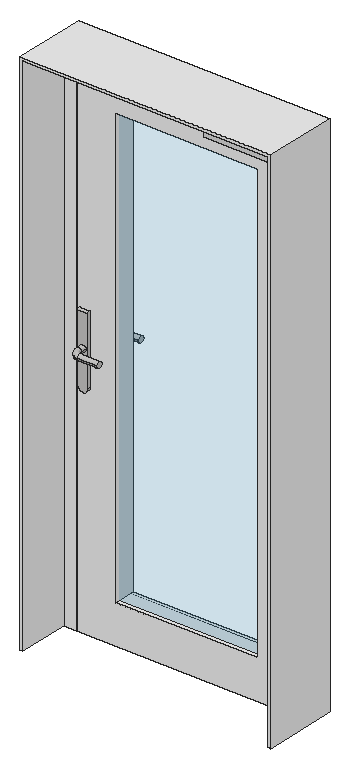
Revit family "Doorset_Exterior Door with Code Fitting_ASSA ABLOY DE_Hardware 3D", category Doors, host Wall, Revit 2015
Parameters (values of type "900 x 2110 mm (1000 x 2160 mm)")
  Uniclass 2.0 Description = "Doorsets"
  Uniclass 2.0 Code = "PR-59-23"
  Uniclass 1.4 Description = "Doors"
  Uniclass 1.4 Code = "L411"
  URL = "http://www.assaabloy.de/de/local/de/bim-spezifikationen/bim-tuerloesungen/bim/eingangstuer-mit-codebeschlag-und-panikschloss-de08/"
  Type Comments = "900 x 2110 mm (1000 x 2160 mm)"
  Thickness Constraint = if(Thickness < Minimum Thickness, Minimum Thickness, if(Thickness > Maximum Thickness, Maximum Thickness, Thickness))  # 90 mm
  Thickness = 90 mm
  Rough Width = Width + 24 mm  # 1024 mm
  Rough Height = Height + 12 mm  # 2172 mm
  Region Europe = "DE"
  Provider = "ASSA ABLOY DE"  # constant formula
  Product Guid = "2306de3a-a31f-441d-86b6-8b9c96043a70"
  Panel Width = Width - (2 mm * 50)  # 900 mm
  Panel Material = Steel/Aluminium
  Panel Height = Height - 50 mm  # 2110 mm
  OmniClass Title = "Doors"
  OmniClass Number = "23-17 11 00"
  Name = "Entrance Door with Code Fitting"  # constant formula
  NBS Reference Description = "Doorsets"
  NBS Reference Code = "59-23"
  Model = "Doorset_Entrance Door with Code Fitting_ASSA ABLOY DE_Hardware 3D"  # constant formula
  Minimum Thickness = 38 mm  # constant formula
  Minimum Door Width = 900 mm  # constant formula
  Minimum Door Height = 2110 mm  # constant formula
  Maximum Thickness = 105 mm  # constant formula
  Maximum Door Width = 1500 mm  # constant formula
  Maximum Door Height = 3750 mm  # constant formula
  Manufacturer = "ASSA ABLOY"  # constant formula
  Locksets = "1x Security Panic Lock_OneSystem_ASSA ABLOY"  # constant formula
  Identity and Access Solutions = "1x Escutcheon code fitting + Handle_ESA Premium_Effeff"  # constant formula
  IFC Classification = "Door"
  Hardware Set = "ES1-AC-PE-ML-DC-DE08"  # constant formula
  Function = Exterior
  Height = if(Frame Height < Minimum Door Height, Minimum Door Height + 50 mm, if(Frame Height > Maximum Door Height, Maximum Door Height + 50 mm, Frame Height))  # 2160 mm
  Wall Closure = By host
  Width = if(Frame Width < Minimum Door Width, Minimum Door Width + 100 mm, if(Frame Width > Maximum Door Width, Maximum Door Width + 100 mm, Frame Width))  # 1000 mm
  Frame Width = 1000 mm
  Frame Material = Steel/Aluminium
  Frame Height = 2160 mm
  Frame Depth [instance] = Thickness Constraint  # 90 mm
  Edition number = 1
  Door Width [instance] = 1000 mm
  Door Height [instance] = 2160 mm
  Door Closers = "1x Door Closer DC700 with guide rail_Cam-Motion®_ASSA ABLOY"  # constant formula
  Description = "Self Closing Access Control with Panic Device"  # constant formula
  Date of publishing = "22.09.2016"
  Contact Provider = "www.assaabloy.de/kontakt-tuerloesungen/"
  BIMobject Unique ref = "ES1-AC-PE-ML-DC-DE08"
  BIMobject Product Page = "http://bimobject.com/assaabloy-de/product/es1-ac-pe-ml-dc-de08"
  BIMobject Product Group = "Single-Steel/Aluminium-Self Closing-Access Control-Panic Device"
  BIMobject Product Family = "Exterior Door Solutions"
  BIMobject Instructions Video = "https://www.youtube.com/watch?v=BP0i_x6Tqq8&feature=youtu.be"
  BIMobject Brand = "ASSA ABLOY DE"
Types (8, lengths in mm): name | Type Comments | Rough Width | Rough Height | Panel Width | Panel Height | Height | Width | Frame Width | Frame Height | Door Width | Door Height
  (no name) | "900 x 2110 mm (1000 x 2160 mm)" | 1024 | 2172 | 900 | 2110 | 2160 | 1000 | 1000 | 2160 | 1000 | 2160
  900 x 2110 mm (1000 x 2160 mm) | "900 x 2110 mm (1000 x 2160 mm)" | 1024 | 2172 | 900 | 2110 | 2160 | 1000 | 1000 | 2160 | 1000 | 2160
  1000 x 2110 mm (1100 x 2160 mm) | "1000 x 2110 mm (1100 x 2160 mm)" | 1124 | 2172 | 1000 | 2110 | 2160 | 1100 | 1100 | 2160 | 1100 | 2160
  1000 x 2500 mm (1100 x 2550 mm) | "1000 x 2500 mm (1100 x 2550 mm)" | 1124 | 2562 | 1000 | 2500 | 2550 | 1100 | 1100 | 2550 | 1100 | 2550
  1000 x 3750 mm (1100 x 3800 mm) | "1000 x 3750 mm (1100 x 3800 mm)" | 1124 | 3812 | 1000 | 3750 | 3800 | 1100 | 1100 | 3800 | 1100 | 3800
  1300 x 2500 mm (1400 x 2550 mm) | "1300 x 2500 mm (1400 x 2550 mm)" | 1424 | 2562 | 1300 | 2500 | 2550 | 1400 | 1400 | 2550 | 1400 | 2550
  1300 x 3750 mm (1400 x 3800 mm) | "1300 x 3750 mm (1400 x 3800 mm)" | 1424 | 3812 | 1300 | 3750 | 3800 | 1400 | 1400 | 3800 | 1400 | 3800
  1500 x 3750 mm (1600 x 3800 mm) | "1500 x 3750 mm (1600 x 3800 mm)" | 1624 | 3812 | 1500 | 3750 | 3800 | 1600 | 1600 | 3800 | 1600 | 3800
Reference planes
  plane 1: y = 0
  plane 2 "Center (Left/Right)": x = 0
  plane 3 "Exterior": y = 150
  plane 4 "Interior": y = -150
  plane 5: y = 60
  plane 6: x = 512
  plane 7: x = -512
  plane 8: z = 2172
  plane 9: x = -500
  plane 10: x = 500
  plane 11: z = 2160
  plane 12: x = -450
  plane 13: x = 450
  plane 14: z = 2110
  plane 15: z = 1950
  plane 16: z = 160
  plane 17: x = -290
  plane 18: x = 290
  plane 19: y = 135
  plane 20: y = 75
  plane 21: y = 1174
  plane 22: y = 1050
  plane 23: z = 1055
  plane 24: x = 360
  plane 25: x = 385.5
  plane 26: x = -415
Forms (mm)
  Extrusion 1, solid, material "Steel/Aluminium" <- "Frame Material"
    sketch origin (0, 150, 0) x (1, 0, 0) y (0, 0, 1)
      loop
        line (500, 2160) -> (-500, 2160) -> (-500, 0) -> (-450, 0) -> (-450, 2110) -> (450, 2110) -> (450, 0) -> (500, 0) -> (500, 2160)
    from 0 to 90
  Extrusion 2, solid, material "Steel/Aluminium" <- "Panel Material"
    sketch origin (0, 150, 0) x (1, 0, 0) y (0, 0, 1)
      loop
        line (450, 2110) -> (-450, 2110) -> (-450, 0) -> (450, 0) -> (450, 2110)
      loop
        line (-290, 1950) -> (-290, 160) -> (290, 160) -> (290, 1950) -> (-290, 1950)
    from 0 to 90
  Extrusion 3, solid, material "Door Glass"
    sketch origin (0, 150, 0) x (1, 0, 0) y (0, 0, 1)
      loop
        line (290, 1950) -> (-290, 1950) -> (-290, 160) -> (290, 160) -> (290, 1950)
    from 15 to 75
  Extrusion 4, solid, material "Steel/Aluminium" <- "Frame Material"
    sketch origin (0, 150, 0) x (1, 0, 0) y (0, 0, 1)
      loop
        line (512, 2172) -> (-512, 2172) -> (-512, 0) -> (-500, 0) -> (-500, 2160) -> (500, 2160) -> (500, 0) -> (512, 0) -> (512, 2172)
    from 0 to 300
Lines and regions (mm)
  Opening 1
    outline origin (-5000, -150, 0) x (1, 0, 0) y (0, 0, 1)
      loop
        line (4488, 2172) -> (4488, 0) -> (5512, 0) -> (5512, 2172) -> (4488, 2172)
  Masking region 1
    outline origin (0, 0, 0) x (0, 1, 0) y (0, 0, 1)
      loop
        line (60, 2160) -> (60, 0) -> (150, 0) -> (150, 2160) -> (60, 2160)
  Masking region 2
    outline origin (0, 0, 0) x (1, 0, 0) y (0, 1, 0)
      loop
        line (-512, 150) -> (-512, -150) -> (512, -150) -> (512, 150) -> (-512, 150)
  Masking region 3, detail levels medium
    outline origin (0, 0, 0) x (1, 0, 0) y (0, 1, 0)
      loop
        line (-450, 150) -> (-500, 150) -> (-500, 60) -> (-450, 60) -> (-450, 150)
      loop
        line (450, 150) -> (450, 60) -> (500, 60) -> (500, 150) -> (450, 150)
  Masking region 4, detail levels medium
    outline origin (0, 0, 0) x (1, 0, 0) y (0, 1, 0)
      loop
        line (450, 1050) -> (360, 1050) -> (360, 150) -> (450, 150) -> (450, 1050)
  Masking region 5, detail levels fine
    outline origin (0, 0, 0) x (1, 0, 0) y (0, 1, 0)
      loop
        line (435, 1050) -> (435, 1040) -> (375, 1040) -> (375, 1030) -> (360, 1030) -> (360, 170) -> (375, 170) -> (375, 160) -> (435, 160) -> (435, 150) -> (450, 150) -> (450, 1050) -> (435, 1050)
  Masking region 6, detail levels fine
    outline origin (0, 0, 0) x (1, 0, 0) y (0, 1, 0)
      loop
        line (-450, 150) -> (-500, 150) -> (-500, 60) -> (-430, 60) -> (-430, 75) -> (-440, 75) -> (-440, 135) -> (-450, 135) -> (-450, 150)
      loop
        line (500, 150) -> (450, 150) -> (450, 135) -> (440, 135) -> (440, 75) -> (430, 75) -> (430, 60) -> (500, 60) -> (500, 150)
  symbolic lines, style "Doors", detail levels medium+fine
    curve 1: line (0, 150, 2110) -> (0, 60, 2110)
    curve 2: line (0, 60, 1950) -> (0, 150, 1950)
    curve 3: line (0, 150, 160) -> (0, 60, 160)
  symbolic lines, style "Doors", detail levels fine
    curve 4: line (0, 105, 1950) -> (0, 105, 160)
  symbolic lines, style "DoorsPanelProjection", detail levels coarse
    curve 5: line (512, 1174, 0) -> (512, 150, 0)
  symbolic lines, style "Plan Swing", detail levels coarse
    curve 6: arc (-512, 150, 0) -> (-212.077, 874.077, 0) -> (512, 1174, 0) r 1024
  symbolic lines, style "Elevation Swing"
    curve 7: line (450, 150, 2110) -> (-450, 150, 1055)
    curve 8: line (-450, 150, 1055) -> (450, 150, 0)
  symbolic lines, style "Plan Swing", detail levels medium+fine
    curve 9: arc (-450, 150, 0) -> (-186.396, 786.396, 0) -> (450, 1050, 0) r 900
  symbolic lines, detail levels fine
    curve 10: line (450, 150, 0) -> (-450, 150, 0)
    curve 11: line (-450, 60, 0) -> (450, 60, 0)
Text (mm)
  text "Exterior" at (-2582.17, 525.235, 0), in view "Ref. Level"
  text "Exterior" at (0, 1615.38, 3698.081), in view "Left"
  text "Exterior" at (0, 1036.032, 3874.932), in view "Right"
Dimensions and locks
  locked: plane 3 "Exterior" to host wall at 0
  locked: plane 4 "Interior" to host wall
  "Thickness Constraint": plane 5 to plane 3 "Exterior"
  equal spacing: plane 7, plane 2 "Center (Left/Right)", plane 6
  "Rough Height": plane 8 to level
  "Rough Width": plane 7 to plane 6
  locked: plane 7 to plane 9 at 12
  locked: plane 6 to plane 10 at 12
  locked: plane 13 to plane 10 at 50
  locked: plane 12 to plane 9 at 50
  locked: plane 8 to plane 11 at 12
  locked: plane 11 to plane 14 at 50
  "Door Width": plane 10 to plane 9
  "Door Height": plane 11 to level
  locked: plane 17 to plane 12 at 160
  locked: plane 18 to plane 13 at 160
  locked: plane 14 to plane 15 at 160
  locked: plane 16 to level at 160
  locked: plane 19 to plane 3 "Exterior" at 15
  locked: plane 20 to plane 5 at 15
  equal spacing: plane 5, curve 4, plane 3 "Exterior"
  "Rough Width": plane 3 "Exterior" to plane 21
  "Panel Width": plane 3 "Exterior" to plane 22
  equal spacing: plane 15, plane 23, plane 16
  "Thickness Constraint": plane 24 to plane 13
  locked: plane 24 to Masking region 5 sketch curve at 15  (x2)
  locked: plane 25 to plane 13 at 64.5
  locked: plane 26 to plane 12 at 35
  aligned and locked: plane 1 to host wall
  aligned and locked: Opening 1 sketch curve to plane 8
  aligned and locked: Opening 1 sketch curve to plane 6
  aligned and locked: plane 7 to Opening 1 sketch curve
  aligned and locked: Opening 1 sketch curve to level
  aligned and locked: Extrusion 1 sketch curve to plane 11
  aligned and locked: plane 10 to Extrusion 1 sketch curve
  aligned and locked: Extrusion 1 sketch curve to plane 9
  aligned and locked: Extrusion 1 sketch curve to plane 12
  aligned and locked: plane 13 to Extrusion 1 sketch curve
  aligned and locked: Extrusion 1 sketch curve to plane 14
  aligned and locked: Extrusion 1 sketch curve to level  (x2)
  aligned and locked: Extrusion 1 to plane 3 "Exterior"
  aligned and locked: Extrusion 1 to plane 5
  aligned and locked: Extrusion 2 sketch curve to plane 14
  aligned and locked: Extrusion 2 sketch curve to plane 15
  aligned and locked: plane 13 to Extrusion 2 sketch curve
  aligned and locked: plane 18 to Extrusion 2 sketch curve
  aligned and locked: Extrusion 2 sketch curve to plane 17
  aligned and locked: Extrusion 2 sketch curve to plane 12
  aligned and locked: Extrusion 2 sketch curve to plane 16
  aligned and locked: Extrusion 2 sketch curve to level
  aligned and locked: Extrusion 2 to plane 3 "Exterior"
  aligned and locked: Extrusion 2 to plane 5
  aligned and locked: plane 15 to Extrusion 3 sketch curve
  aligned and locked: plane 17 to Extrusion 3 sketch curve
  aligned and locked: Extrusion 3 sketch curve to plane 18
  aligned and locked: plane 16 to Extrusion 3 sketch curve
  aligned and locked: Extrusion 3 to plane 19
  aligned and locked: Extrusion 3 to plane 20
  aligned and locked: Masking region 1 sketch curve to plane 3 "Exterior"
  aligned and locked: Masking region 1 sketch curve to level
  aligned and locked: curve 1 to plane 14
  aligned and locked: curve 2 to plane 15
  aligned and locked: curve 3 to plane 16
  aligned and locked: plane 3 "Exterior" to curve 1
  aligned and locked: plane 5 to curve 3
  aligned and locked: plane 3 "Exterior" to curve 3
  aligned and locked: plane 5 to curve 2
  aligned and locked: plane 3 "Exterior" to curve 2
  aligned and locked: plane 15 to curve 4
  aligned and locked: plane 16 to curve 4
  aligned and locked: plane 7 to Masking region 2 sketch curve
  aligned and locked: Masking region 2 sketch curve to plane 6
  aligned and locked: Masking region 2 sketch curve to plane 3 "Exterior"
  aligned and locked: Masking region 2 sketch curve to plane 4 "Interior"
  aligned and locked: curve 5 to plane 6
  aligned and locked: plane 21 to curve 5
  aligned and locked: plane 3 "Exterior" to curve 5
  aligned and locked: Masking region 3 sketch curve to plane 12
  aligned and locked: Masking region 3 sketch curve to plane 9
  aligned and locked: Masking region 3 sketch curve to plane 3 "Exterior"  (x2)
  aligned and locked: Masking region 3 sketch curve to plane 5  (x2)
  aligned and locked: plane 13 to Masking region 3 sketch curve
  aligned and locked: plane 10 to Masking region 3 sketch curve
  aligned and locked: plane 13 to Masking region 4 sketch curve
  aligned and locked: Masking region 4 sketch curve to plane 24
  aligned and locked: Masking region 4 sketch curve to plane 22
  aligned and locked: Masking region 4 sketch curve to plane 3 "Exterior"
  aligned and locked: Masking region 5 sketch curve to plane 22
  aligned and locked: plane 13 to Masking region 5 sketch curve
  aligned and locked: Masking region 5 sketch curve to plane 24
  aligned and locked: Masking region 5 sketch curve to plane 3 "Exterior"
  aligned and locked: Masking region 6 sketch curve to plane 3 "Exterior"  (x2)
  aligned and locked: Masking region 6 sketch curve to plane 5  (x2)
  aligned and locked: Masking region 6 sketch curve to plane 12
  aligned and locked: Masking region 6 sketch curve to plane 9
  aligned and locked: Masking region 6 sketch curve to plane 19
  aligned and locked: Masking region 6 sketch curve to plane 20
  aligned and locked: plane 10 to Masking region 6 sketch curve
  aligned and locked: plane 13 to Masking region 6 sketch curve
  aligned and locked: plane 20 to Masking region 6 sketch curve
  aligned and locked: plane 19 to Masking region 6 sketch curve
  aligned and locked: curve 10 to plane 3 "Exterior"
  aligned and locked: curve 11 to plane 5
  aligned and locked: plane 12 to curve 11
  aligned and locked: plane 13 to curve 11
  aligned and locked: plane 13 to curve 10
  aligned and locked: plane 12 to curve 10
  aligned and locked: Masking region 1 sketch curve to plane 11
  aligned and locked: Masking region 1 sketch curve to plane 5
  aligned and locked: plane 8 to Extrusion 4 sketch curve
  aligned and locked: plane 11 to Extrusion 4 sketch curve
  aligned and locked: plane 6 to Extrusion 4 sketch curve
  aligned and locked: Extrusion 4 sketch curve to plane 10
  aligned and locked: plane 9 to Extrusion 4 sketch curve
  aligned and locked: Extrusion 4 sketch curve to plane 7
  aligned and locked: level to Extrusion 4 sketch curve  (x2)
  aligned and locked: plane 4 "Interior" to Extrusion 4
  aligned and locked: Extrusion 4 to plane 3 "Exterior"
  aligned and locked: plane 25 to nested 1
  aligned and locked: plane 14 to nested 1
  aligned and locked: plane 26 to nested 2
Automatic sketch dimensions
  curve 8 to plane 12 = 0 mm
  curve 8 to level = 0 mm
  plane 13 to curve 8 = 0 mm
  plane 13 to curve 7 = 0 mm
  curve 8 to plane 23 = 0 mm
  curve 7 to plane 14 = 0 mm
  plane 13 to Masking region 5 sketch curve = 15 mm  (x2)
  host wall to Masking region 5 sketch curve = 10 mm
  Masking region 5 sketch curve to Masking region 5 sketch curve = 10 mm  (x2)
  Masking region 5 sketch curve to Masking region 5 sketch curve = 20 mm
  plane 12 to Masking region 6 sketch curve = 10 mm
  Masking region 6 sketch curve to Masking region 6 sketch curve = 10 mm  (x2)
  Masking region 6 sketch curve to Masking region 6 sketch curve = 20 mm
  curve 9 to plane 13 = 0 mm
  curve 6 to host wall = 0 mm
  curve 1 to plane 5 = 0 mm
Nested families
  nested 1: "Door Closers_Door Closer DC700 with guide rail_ASSA ABLOY DE__DC700------EV1-" at (385.5, 60, 2110) x (1, 0, 0) z (0, -1, 0), type "Door Closer DC700 with guide rail_DC700------EV1-"
  nested 2: "Identity and Access Solutions_Escutcheon code fitting + Handle_ASSA ABLOY DE__50111A-9K11211-" at (-415, 60, 1050) x (1, 0, 0) z (0, -1, 0), Panel Thickness <- "Thickness Constraint", Panel Width <- "Panel Width", type "Escutcheon code fitting + Handle_50111A-9K11211-"
    with Panel Width 900 mm, Panel Thickness 90 mm
Definition of nested family "Door Closers_Door Closer DC700 with guide rail_ASSA ABLOY DE__DC700------EV1-"
  Parameters (values of type "Door Closer DC700 with guide rail_DC700------EV1-")
    Uniclass 2015 Description = "Door hardware systems"
    Uniclass 2015 Code = "Ss_25_38_20_20"
    Uniclass 2.0 Description = "Door Hardware Systems"
    Uniclass 2.0 Code = "SS-25-38-20-20"
    Uniclass 1.4 Description = "Door closers"
    Uniclass 1.4 Code = "L41812"
    URL = "http://w3.assaabloy.de/de/produktkatalog/assaabloy/DC700------EV1-"
    UNSPSC Name = "Door closers"
    UNSPSC Code = "30171514"
    Type Comments = "Door Closer DC700 with guide rail_DC700------EV1-"  # constant formula
    Region Europe = "DE"
    Reference Standards = "DIN EN 1154"  # constant formula
    Provider = "ASSA ABLOY DE"  # constant formula
    Product Range = "Cam-Motion®"  # constant formula
    Product Guid = "d3dddd3e-fbaa-46c2-a748-b475f65359a3"
    Product Group = "Door Closers"  # constant formula
    Product Datasheet = "http://w3.assaabloy.de/de/produktkatalog/assaabloy/DC700------EV1-/pdf"
    OmniClass Title = "Door Closers"
    OmniClass Number = "23-17 19 11 19 11"
    Name = "Door Closer DC700 with guide rail"  # constant formula
    NBS Reference Description = "Door Hardware Systems"
    NBS Reference Code = "25-38-20-20"
    Model = "Door Closers_Door Closer DC700 with guide rail_ASSA ABLOY DE__DC700------EV1-"  # constant formula
    Manufacturer = "ASSA ABLOY"  # constant formula
    ISO = "Manufacturing /Assembly plant ISO 14001"  # constant formula
    IFC Classification = "Door"
    Finish = none
    Environmental Product Declaration (EPD) = "http://www.assaabloy.de/Local/assaabloyDE/Nachhaltigkeit/EPD%20Dateien/T%c3%bcrschlie%c3%9fer%20-%20Door%20Closer/EPD%20Door%20Closer%20DC500%20DC700.pdf"
    Edition number = 1
    Description = "Door closer with Cam-Motion® technology and height-adjustable guide rail G195 or standard guide rail G193"  # constant formula
    Default Elevation = 0 mm
    Date of publishing = "22.09.2016"
    Contact Provider = "www.assaabloy.de/kontakt-tuerloesungen/"
    Brand = "ASSA ABLOY"  # constant formula
    BIMobject Unique ref = "DC700------EV1-"
    BIMobject Instructions Video = ""
    BIMobject Category = "Doors / Hardware"
    BIMobject Brand = "ASSA ABLOY DE"
    Article Number = "DC700------EV1-"  # constant formula
    Accessories = ""
  Reference planes
    plane 1 "Center (Front/Back)": y = 0
    plane 2: z = 0
    plane 3 "Center (Left/Right)": x = 0
  Forms (mm)
    Extrusion 1, solid
      sketch origin (0, 0, 0) x (1, 0, 0) y (0, 1, 0)
        loop
          line (-1219.2, 1219.2) -> (-1219.2, -1219.2) -> (1219.2, -1219.2) -> (1219.2, 1219.2) -> (-1219.2, 1219.2)
      from 0 to -304.8
    Extrusion 2, solid, material <- "Finish", detail levels fine
      sketch origin (0, -9.85, 0) x (0, 1, 0) y (0, 0, -1)
        loop
          line (-36.15, -57) -> (-6.65, -57) -> (-6.65, 0) -> (-70.65, 0) -> (-70.65, -57) -> (-41.15, -57) -> (-41.15, -56) -> (-36.15, -56) -> (-36.15, -57)
      from 1 to 269
    Extrusion 3, solid, material <- "Finish", detail levels fine
      sketch origin (0, -9.85, 0) x (-1, 0, 0) y (0, 0, -1)
        loop
          circle (88.5, -29.7) r 11
      from -2 to 6.65
    Extrusion 4, solid, material <- "Finish", detail levels fine
      sketch origin (0, -9.85, 0) x (-1, 0, 0) y (0, 0, -1)
        loop
          arc (458.658, -31.661) -> (469.386, -20.396) -> (458.121, -9.668) r 11
          line (458.121, -9.668) -> (88.231, -18.703)
          arc (88.231, -18.703) -> (77.503, -29.969) -> (88.769, -40.697) r 11
          line (88.769, -40.697) -> (458.658, -31.661)
      from -2 to -7
    Extrusion 5, solid, material <- "Finish", detail levels fine
      sketch origin (0, -9.85, 0) x (0, 1, 0) y (0, 0, -1)
        loop
          line (32.85, -43.665) -> (32.85, 0) -> (9.85, 0) -> (9.85, -43.665) -> (32.85, -43.665)
      from 0 to 503.5
    Extrusion 6, solid, material <- "Finish", detail levels fine
      sketch origin (-369.886, -9.85, -9.039) x (-1, 0, 0) y (0, 0, -1)
        loop
          circle (88.5, -29.7) r 11
      from -9.85 to -7
    Extrusion 7, solid, material <- "Finish", detail levels fine
      sketch origin (0, -9.85, 0) x (0, 1, 0) y (0, 0, 1)
        loop
          line (-41.15, 57) -> (-70.65, 57) -> (-70.65, 0) -> (-55.65, 0) -> (-55.65, 15)
          arc (-55.65, 15) -> (-51.524, 26.102) -> (-41.15, 31.815) r 17
          line (-41.15, 31.815) -> (-41.15, 57)
        loop
          line (-50.65, 0) -> (-26.65, 0) -> (-26.65, 15)
          arc (-26.65, 15) -> (-38.65, 27) -> (-50.65, 15) r 12
          line (-50.65, 15) -> (-50.65, 0)
        loop
          line (-21.65, 15) -> (-21.65, 0) -> (-6.65, 0) -> (-6.65, 57) -> (-36.15, 57) -> (-36.15, 31.815)
          arc (-36.15, 31.815) -> (-25.776, 26.102) -> (-21.65, 15) r 17
      from -1 to 0
    Extrusion 8, solid, material <- "Finish", detail levels fine
      sketch origin (-270, -9.85, 0) x (0, 1, 0) y (0, 0, -1)
        loop
          line (-41.15, -57) -> (-41.15, -31.815)
          arc (-41.15, -31.815) -> (-51.524, -26.102) -> (-55.65, -15) r 17
          line (-55.65, -15) -> (-55.65, 0) -> (-70.65, 0) -> (-70.65, -57) -> (-41.15, -57)
        loop
          line (-50.65, 0) -> (-50.65, -15)
          arc (-50.65, -15) -> (-38.65, -27) -> (-26.65, -15) r 12
          line (-26.65, -15) -> (-26.65, 0) -> (-50.65, 0)
        loop
          arc (-21.65, -15) -> (-25.776, -26.102) -> (-36.15, -31.815) r 17
          line (-36.15, -31.815) -> (-36.15, -57) -> (-6.65, -57) -> (-6.65, 0) -> (-21.65, 0) -> (-21.65, -15)
      from -1 to 0
  Cuts and joins
    joined: Extrusion 2, Extrusion 7, Extrusion 8
  Lines and regions (mm)
    Masking region 1, detail levels fine
      outline origin (0, -9.85, 0) x (0, 1, 0) y (0, 0, 1)
        loop
          line (-6.65, 57) -> (-36.15, 57) -> (-36.15, 56) -> (-41.15, 56) -> (-41.15, 57) -> (-70.65, 57) -> (-70.65, 0) -> (-6.65, 0) -> (-6.65, 18.7) -> (2, 18.7) -> (2, 9.668) -> (9.85, 9.668) -> (9.85, 0) -> (32.85, 0) -> (32.85, 43.665) -> (9.85, 43.665) -> (9.85, 31.661) -> (7, 31.661) -> (7, 40.697) -> (-6.65, 40.697) -> (-6.65, 57)
    symbolic lines, detail levels fine
      curve 1: line (0, 0, 31.661) -> (0, 0, 9.668)
      curve 2: line (0, -2.85, 31.661) -> (0, -2.85, 9.665)
      curve 3: line (0, -7.85, 18.703) -> (0, -7.85, 40.697)
      curve 4: line (0, -16.5, 40.7) -> (0, -16.5, 18.7)
      curve 5: line (0, -36.5, 0) -> (0, -36.5, 15)
      curve 6: line (0, -31.5, 15) -> (0, -31.5, 0)
      curve 7: arc (0, -60.5, 15) -> (0, -48.5, 27) -> (0, -36.5, 15) r 12
      curve 8: line (0, -60.5, 15) -> (0, -60.5, 0)
      curve 9: line (0, -65.5, 0) -> (0, -65.5, 15)
      curve 10: arc (0, -51, 31.815) -> (0, -61.374, 26.102) -> (0, -65.5, 15) r 17
      curve 11: line (0, -51, 31.815) -> (0, -51, 56)
      curve 12: arc (0, -31.5, 15) -> (0, -35.626, 26.102) -> (0, -46, 31.815) r 17
      curve 13: line (0, -46, 56) -> (0, -46, 31.815)
  Dimensions and locks
    aligned and locked: plane 2 to Extrusion 1
    aligned and locked: level to Extrusion 1
    aligned and locked: Extrusion 6 to Extrusion 5
    aligned and locked: Extrusion 6 to Extrusion 4
    aligned and locked: Extrusion 3 to Extrusion 4
    aligned and locked: level to Masking region 1 sketch curve  (x2)
    aligned and locked: plane 3 "Center (Left/Right)" to Extrusion 7
Definition of nested family "Identity and Access Solutions_Escutcheon code fitting + Handle_ASSA ABLOY DE__50111A-9K11211-"
  Parameters (values of type "Escutcheon code fitting + Handle_50111A-9K11211-")
    Uniclass 2015 Description = "Door hardware systems"
    Uniclass 2015 Code = "Ss_25_38_20_20"
    Uniclass 2.0 Description = "Door Hardware Systems"
    Uniclass 2.0 Code = "SS-25-38-20-20"
    Uniclass 1.4 Description = "Door furniture"
    Uniclass 1.4 Code = "L4181"
    URL = "http://w3.assaabloy.de/de/produktkatalog/effeff/50111A-9K11211-"
    Type Comments = "Escutcheon code fitting + Handle_50111A-9K11211-"  # constant formula
    Region Europe = "DE"
    Reference Standards = "CE, EN179, EN1906, DIN18273"  # constant formula
    Provider = "ASSA ABLOY DE"  # constant formula
    Product Range = "ESA Premium"  # constant formula
    Product Guid = "05146aed-a522-4925-a541-659463e9d918"
    Product Group = "Identity and Access Solutions"  # constant formula
    Product Datasheet = "http://w3.assaabloy.de/de/produktkatalog/effeff/50111A-9K11211-/pdf"
    Panel Width [instance] = 600 mm
    Panel Thickness [instance] = 90 mm
    OmniClass Title = "Door Latches"
    OmniClass Number = "23-17 19 11 21 19"
    Name = "Escutcheon code fitting + Handle"  # constant formula
    NBS Reference Description = "Door Hardware Systems"
    NBS Reference Code = "25-38-20-20"
    Model = "Identity and Access Solutions_Escutcheon code fitting + Handle_ASSA ABLOY DE__50111A-9K11211-"  # constant formula
    Manufacturer = "ASSA ABLOY"  # constant formula
    ISO = "Manufacturing /Assembly plant ISO 14001"  # constant formula
    IFC Classification = "Door"
    Finish = none
    Environmental Product Declaration (EPD) = "http://www.assaabloy.de/en/local/de/sustainability/epds-green-buildings/epd-library/"
    Edition number = 1
    Description = "Electronic high-security keypad door fitting ESA501 with Euro Profile cylinder perforation"  # constant formula
    Default Elevation = 1050 mm
    Date of publishing = "22.09.2016"
    Contact Provider = "www.assaabloy.de/kontakt-tuerloesungen/"
    Brand = "Effeff"  # constant formula
    BIMobject Unique ref = "50111A-9K11211-"
    BIMobject Instructions Video = ""
    BIMobject Category = "Doors / Hardware"
    BIMobject Brand = "ASSA ABLOY DE"
    Article Number = "50111A-9K11211-"  # constant formula
    Accessories = ""
  Reference planes
    plane 1 "Center (Front/Back)": y = 0
    plane 2: z = 0
    plane 3 "Center (Left/Right)": x = 0
    plane 4: z = -148
    plane 5: x = 565
    plane 6: x = -35
    plane 7: z = -90
    plane 8: z = -100
    plane 9: z = 10
    plane 10: z = -45
    plane 11: z = -690
    plane 12: z = -640
    plane 13: x = 465
    plane 14: z = -531.5
    plane 15: z = -617.9
    plane 16: z = -662.1
    plane 17: x = 575
    plane 18: x = 396.2
    plane 19: x = 643.8
    plane 20: x = 475
    plane 21: z = -102
  Forms (mm)
    Extrusion 1, solid
      sketch origin (0, 0, 0) x (1, 0, 0) y (0, 1, 0)
        loop
          line (-1219.2, 1219.2) -> (-1219.2, -1219.2) -> (1219.2, -1219.2) -> (1219.2, 1219.2) -> (-1219.2, 1219.2)
      from 0 to -304.8
    Sweep 2, solid, material <- "Finish", detail levels fine
      path origin (0, 0, 0) x (1, 0, 0) y (0, 0, 1)
        loop
          line (0, 0) -> (0, 10)
      profile origin (0, 0, 5) x (-1, 0, 0) y (0, -1, 0)
        loop
          line (20.5, -97.5) -> (20.5, 140)
          arc (20.5, 140) -> (0, 160.5) -> (-20.5, 140) r 20.5
          line (-20.5, 140) -> (-20.5, -97.5) -> (20.5, -97.5)
    Sweep 3, solid, material <- "Finish", detail levels fine
      path origin (0, 0, 0) x (1, 0, 0) y (0, 0, 1)
        loop
          line (-0.05, 10) -> (-0.05, 32.55)
          arc (-0.05, 32.55) -> (8.459, 53.091) -> (29, 61.6) r 29.05
          line (29, 61.6) -> (108.5, 61.6)
      profile origin (-0.05, 0, 10) x (-1, 0, 0) y (0, -1, 0)
        loop
          circle (-0.05, 0) r 11.25
    Sweep 4, solid, material <- "Finish", detail levels fine
      path origin (0, 0, -53.27) x (1, 0, 0) y (0, 0, -1)
        loop
          line (-0.05, 46.73) -> (-0.05, 69.28)
          arc (-0.05, 69.28) -> (8.459, 89.822) -> (29, 98.33) r 29.05
          line (29, 98.33) -> (108.5, 98.33)
      profile origin (-0.05, 0, -100) x (0, -1, 0) y (1, 0, 0)
        loop
          circle (0, 0.05) r 11.25
    Extrusion 5, solid, material <- "Finish", detail levels fine
      sketch origin (0, 0, 0) x (0, 1, 0) y (0, 0, 1)
        loop
          line (97.5, 10) -> (97.5, 0) -> (140, 0) -> (140, 2)
          arc (140, 2) -> (137.657, 7.657) -> (132, 10) r 8
          line (132, 10) -> (97.5, 10)
      from -20.5 to 20.5
    Sweep 6, solid, material <- "Finish", detail levels fine
      path origin (0, 0, -90) x (1, 0, 0) y (0, 0, 1)
        loop
          line (0, 0) -> (0, -10)
      profile origin (0, 0, -95) x (0, -1, 0) y (1, 0, 0)
        loop
          line (-97.5, -20.5) -> (140, -20.5)
          arc (140, -20.5) -> (160.5, 0) -> (140, 20.5) r 20.5
          line (140, 20.5) -> (-97.5, 20.5) -> (-97.5, -20.5)
    Extrusion 7, solid, material <- "Finish", detail levels fine
      sketch origin (0, 0, -90) x (0, 1, 0) y (0, 0, 1)
        loop
          line (97.5, -10) -> (132, -10)
          arc (132, -10) -> (137.657, -7.657) -> (140, -2) r 8
          line (140, -2) -> (140, 0) -> (97.5, 0) -> (97.5, -10)
      from -20.5 to 20.5
    Sweep 8, solid, detail levels fine
      path origin (0, 0, -90) x (0, 1, 0) y (0, 0, 1)
        loop
          line (49.7, -16) -> (132, -16)
          arc (132, -16) -> (141.899, -11.899) -> (146, -2) r 14
          line (146, -2) -> (146, 0)
      profile origin (0, 146, -92) x (1, 0, 0) y (0, 1, 0)
        loop
          line (-18.384, -4) -> (-20.5, -6) -> (20.5, -6) -> (18.384, -4) -> (-18.384, -4)
    Blend 9, solid, detail levels fine
      base sketch origin (-92.702, -1524, -162.41) x (-1, 0, 0) y (0, -1, 0)
        loop
          line (-113.202, -1573.7) -> (-72.202, -1573.7)
          arc (-72.202, -1573.7) -> (-92.702, -1553.2) -> (-113.202, -1573.7) r 20.5
      top sketch origin (0, 0, -152.41) x (0, -1, 0) y (1, 0, 0)
        loop
          arc (-49.7, -18.384) -> (-31.316, 0) -> (-49.7, 18.384) r 18.384
          line (-49.7, 18.384) -> (-49.7, -18.384)
      from 62.41 to 50.41
  Cuts and joins
    joined: Sweep 2, Sweep 3, Extrusion 5
    joined: Sweep 4, Sweep 6, Extrusion 7
    joined: Sweep 8, Blend 9
  Lines and regions (mm)
    Masking region 1, detail levels fine
      outline origin (0, 0, 0) x (0, 1, 0) y (0, 0, 1)
        loop
          line (-160.5, 10) -> (-160.5, 0) -> (141.798, 0)
          arc (141.798, 0) -> (141.348, 5.551) -> (138, 10) r 10
          line (138, 10) -> (-160.5, 10)
        loop
          line (140, -90) -> (-160.5, -90) -> (-160.5, -100) -> (140, -100) -> (140, -90)
    Masking region 2, detail levels fine
      outline origin (0, 0, 0) x (0, 1, 0) y (0, 0, 1)
        loop
          arc (11.25, 61.55) -> (0, 72.8) -> (-11.25, 61.55) r 11.25
          line (-11.25, 61.55) -> (-11.25, 10) -> (11.25, 10) -> (11.25, 61.55)
        loop
          line (-11.25, -100) -> (-11.25, -151.55)
          arc (-11.25, -151.55) -> (0, -162.8) -> (11.25, -151.55) r 11.25
          line (11.25, -151.55) -> (11.25, -100) -> (-11.25, -100)
    Masking region 3, detail levels fine
      outline origin (0, 0, 0) x (1, 0, 0) y (0, 0, 1)
        loop
          line (475, -617.9) -> (465, -617.9) -> (465, -662.1) -> (475, -662.1) -> (475, -617.9)
        loop
          line (565, -662.1) -> (575, -662.1) -> (575, -617.9) -> (565, -617.9) -> (565, -662.1)
    Masking region 4, detail levels fine
      outline origin (0, 0, 0) x (1, 0, 0) y (0, 0, 1)
        loop
          line (643.8, -618.734) -> (643.8, -531.5) -> (622.05, -531.5) -> (622.05, -611)
          arc (622.05, -611) -> (616.851, -623.551) -> (604.3, -628.75) r 17.75
          line (604.3, -628.75) -> (575, -628.75) -> (575, -651.25) -> (604.3, -651.25)
          arc (604.3, -651.25) -> (629.881, -642.075) -> (643.8, -618.734) r 40.25
        loop
          line (396.2, -531.5) -> (396.2, -611)
          arc (396.2, -611) -> (407.989, -639.461) -> (436.45, -651.25) r 40.25
          line (436.45, -651.25) -> (465, -651.25) -> (465, -628.75) -> (436.45, -628.75)
          arc (436.45, -628.75) -> (423.899, -623.551) -> (418.7, -611) r 17.75
          line (418.7, -611) -> (418.7, -531.5) -> (396.2, -531.5)
  Dimensions and locks
    plane 3 "Center (Left/Right)" to plane 6 = 35 mm
    "Panel Thickness": level to plane 7
    locked: plane 7 to plane 8 at 10
    locked: plane 9 to Extrusion 1 at 10
    locked: plane 8 to Sweep 4 sketch curve at 51.6
    locked: Sweep 3 sketch curve to plane 9 at 51.6
    locked: plane 3 "Center (Left/Right)" to plane 6 at 35
    locked: plane 9 to Masking region 2 sketch curve at 51.55
    locked: Masking region 2 sketch curve to plane 8 at 51.55
    "Panel Width": plane 11 to plane 7
    "Panel Width": plane 5 to plane 6
    locked: plane 11 to plane 12 at 50
    locked: plane 16 to plane 12 at 22.1
    plane 12 to plane 15 to plane 14 = 22.1 mm locked, 86.4 mm locked
    locked: plane 17 to plane 5 at 10
    locked: plane 13 to plane 18 at 68.8
    locked: plane 17 to plane 19 at 68.8
    locked: Masking region 4 sketch curve to plane 19 at 21.75
    locked: Masking region 4 sketch curve to plane 18 at 22.5
    locked: plane 20 to plane 13 at 10
    "Panel Thickness": plane 5 to plane 20
    locked: plane 21 to plane 8 at 2
    aligned and locked: plane 2 to Extrusion 1
    aligned and locked: level to Extrusion 1
    aligned and locked: plane 9 to Sweep 2 sketch curve
    aligned and locked: plane 2 to Sweep 2 sketch curve
    aligned and locked: plane 8 to Sweep 4 sketch curve
    aligned and locked: plane 9 to Sweep 3 sketch curve
    aligned and locked: plane 9 to Extrusion 5 sketch curve
    aligned and locked: level to Extrusion 5 sketch curve
    aligned and locked: Extrusion 5 to Sweep 2
    aligned and locked: Sweep 2 to Extrusion 5
    aligned and locked: Masking region 1 sketch curve to plane 9
    aligned and locked: level to Masking region 1 sketch curve
    aligned and locked: plane 7 to Masking region 1 sketch curve
    aligned and locked: plane 8 to Masking region 1 sketch curve
    aligned and locked: plane 9 to Masking region 2 sketch curve
    aligned and locked: plane 8 to Masking region 2 sketch curve
    aligned and locked: plane 15 to Masking region 3 sketch curve  (x2)
    aligned and locked: Masking region 3 sketch curve to plane 16  (x2)
    aligned and locked: plane 5 to Masking region 3 sketch curve
    aligned and locked: plane 17 to Masking region 3 sketch curve
    aligned and locked: Masking region 4 sketch curve to plane 19
    aligned and locked: plane 14 to Masking region 4 sketch curve  (x2)
    aligned and locked: plane 17 to Masking region 4 sketch curve
    aligned and locked: plane 13 to Masking region 4 sketch curve
    aligned and locked: plane 18 to Masking region 4 sketch curve
    aligned and locked: plane 20 to Masking region 3 sketch curve
    aligned and locked: Masking region 3 sketch curve to plane 13
    aligned and locked: Extrusion 7 to Sweep 6
    aligned and locked: Sweep 6 to Extrusion 7
    aligned and locked: plane 7 to Sweep 6 sketch curve
    aligned and locked: plane 8 to Sweep 6 sketch curve
    aligned and locked: Extrusion 7 sketch curve to plane 7
    aligned and locked: Extrusion 7 sketch curve to plane 8
    aligned and locked: Blend 9 to plane 8
    aligned and locked: cut or joined group of Sweep 8, Blend 9 to plane 21
  Automatic sketch dimensions
    Extrusion 1 sketch curve to Extrusion 1 sketch curve = 2438.4 mm  (x2)
    Sweep 2 sketch curve to plane 3 "Center (Left/Right)" = 0 mm
    Sweep 2 sketch curve to profile plane = 0 mm
    profile plane to Sweep 2 sketch curve = 20.5 mm
    Sweep 2 sketch curve to profile plane = 97.5 mm
    profile plane to Sweep 2 sketch curve = 140 mm
    Sweep 3 sketch curve to plane 3 "Center (Left/Right)" = 0.05 mm
    plane 3 "Center (Left/Right)" to Sweep 3 sketch curve = 29 mm
    Sweep 3 sketch curve to Sweep 3 sketch curve = 79.5 mm
    Sweep 3 sketch curve to Sweep 3 sketch curve = 0 mm  (x2)
    profile plane to Sweep 3 sketch curve = 0 mm
    profile plane to Sweep 3 sketch curve = 0.05 mm
    Sweep 3 sketch curve to Sweep 3 sketch curve = 11.25 mm
    plane 3 "Center (Left/Right)" to Sweep 4 sketch curve = 0.05 mm
    Sweep 4 sketch curve to plane 3 "Center (Left/Right)" = 29 mm
    Sweep 4 sketch curve to Sweep 4 sketch curve = 79.5 mm
    Sweep 4 sketch curve to Sweep 4 sketch curve = 0 mm  (x2)
    profile plane to Sweep 4 sketch curve = 0 mm
    Sweep 4 sketch curve to profile plane = 0.05 mm
    profile plane to Sweep 4 sketch curve = 11.2 mm
    Extrusion 5 sketch curve to plane 1 "Center (Front/Back)" = 97.5 mm
    Extrusion 5 sketch curve to Extrusion 5 sketch curve = 34.5 mm
    level to Extrusion 5 sketch curve = 2 mm
    plane 1 "Center (Front/Back)" to Masking region 1 sketch curve = 160.5 mm
    Masking region 1 sketch curve to Masking region 1 sketch curve = 0 mm
    level to Masking region 1 sketch curve = 2 mm
    Masking region 1 sketch curve to plane 1 "Center (Front/Back)" = 132 mm
    Masking region 1 sketch curve to Masking region 1 sketch curve = 6 mm
    Masking region 1 sketch curve to Masking region 1 sketch curve = 1.798 mm
    Masking region 2 sketch curve to plane 1 "Center (Front/Back)" = 0 mm  (x2)
    plane 1 "Center (Front/Back)" to Masking region 2 sketch curve = 11.25 mm  (x2)
    Masking region 4 sketch curve to Masking region 4 sketch curve = 0 mm  (x4)
    Masking region 4 sketch curve to plane 15 = 6.9 mm  (x2)
    Masking region 4 sketch curve to Masking region 4 sketch curve = 17.75 mm  (x2)
    Masking region 4 sketch curve to plane 12 = 11.25 mm
    Sweep 6 sketch curve to plane 3 "Center (Left/Right)" = 0 mm
    Sweep 6 sketch curve to profile plane = 0 mm
    profile plane to Sweep 6 sketch curve = 20.5 mm
    Sweep 6 sketch curve to profile plane = 97.5 mm
    profile plane to Sweep 6 sketch curve = 140 mm
    plane 1 "Center (Front/Back)" to Extrusion 7 sketch curve = 97.5 mm
    Extrusion 7 sketch curve to Extrusion 7 sketch curve = 34.5 mm
    plane 7 to Extrusion 7 sketch curve = 2 mm
    Sweep 8 sketch curve to plane 7 = 0 mm
    plane 8 to Sweep 8 sketch curve = 6 mm
    Sweep 8 sketch curve to plane 1 "Center (Front/Back)" = 132 mm
    Sweep 8 sketch curve to plane 7 = 2 mm
    Sweep 8 sketch curve to plane 1 "Center (Front/Back)" = 49.7 mm
    profile plane to Sweep 8 sketch curve = 6 mm
    Sweep 8 sketch curve to profile plane = 20.5 mm
    profile plane to Sweep 8 sketch curve = 4 mm
    Sweep 8 sketch curve to Sweep 8 sketch curve = 2.116 mm  (x2)
    profile plane to Sweep 8 sketch curve = 18.384 mm
    Blend 9 sketch curve to plane 3 "Center (Left/Right)" = 0 mm  (x2)
    plane 3 "Center (Left/Right)" to Blend 9 sketch curve = 20.5 mm
    Blend 9 sketch curve to plane 1 "Center (Front/Back)" = 49.7 mm  (x2)
    plane 3 "Center (Left/Right)" to Blend 9 sketch curve = 18.384 mm
